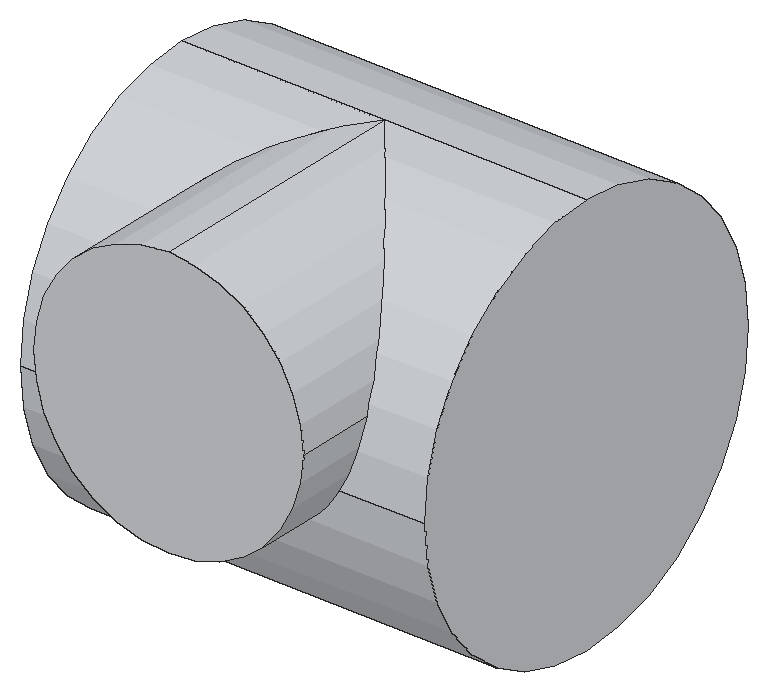
Revit family "M_Round Tee - Tangential", category Duct Fittings, Revit 2014
Parameters (values of type "Standard")
  Visibility 2 [instance] = Height Offset = 0 mm  # no
  Visibility 1 [instance] = not(Height Offset = 0 mm)  # yes
  Height Offset 1 [instance] = if(Height Offset = 0 mm, 0.8 mm, Height Offset)  # 50 mm
  Duct Radius 1 [instance] = 150 mm
  Duct Radius 3 [instance] = 100 mm
  Duct Lenght 2 [instance] = 1.5 * Duct Radius 3  # 150 mm
  Duct Length 1 [instance] = Duct Radius 1 + Shoulder  # 200 mm
  Height Offset [instance] = Duct Radius 1 - Duct Radius 3  # 50 mm
  Duct Diameter 1 [instance] = Duct Radius 1 * 2  # 300 mm
  Shoulder [instance] = 50 mm
  Duct Diameter 3 [instance] = Duct Radius 3 * 2  # 200 mm
Reference planes
  plane 1 "Center (Front/Back)": y = 0
  plane 2: z = 0
  plane 3 "Center (Left/Right)": x = 0
  plane 4: x = -150
  plane 5: x = 150
  plane 6: y = -200
  plane 7: z = 50
Forms (mm)
  Sweep 1, solid, detail levels medium+fine
    path in 3D
      loop
        line (-150, 0, 0) -> (150, 0, 0)
    profile "M_Duct - Round : Duct - Round 1" origin (0, 0, 0) x (0, 1, 0) y (0, 0, 1)
      loop
        arc (-150, 0) -> (-106.066, -106.066) -> (0, -150) r 150
        arc (0, -150) -> (106.066, -106.066) -> (150, 0) r 150
        arc (150, 0) -> (106.066, 106.066) -> (0, 150) r 150
        arc (0, 150) -> (-106.066, 106.066) -> (-150, 0) r 150
  Sweep 2, solid, detail levels medium+fine
    path in 3D
      loop
        line (0, -200, 0) -> (0, 0, 0)
    profile "M_Duct - Round : Duct - Round 3" origin (0, -100, 0) x (-1, 0, 0) y (0, 0, 1)
      loop
        arc (-100, 50) -> (-70.711, -20.711) -> (0, -50) r 100
        arc (0, -50) -> (70.711, -20.711) -> (100, 50) r 100
        arc (100, 50) -> (70.711, 120.711) -> (0, 150) r 100
        arc (0, 150) -> (-70.711, 120.711) -> (-100, 50) r 100
Cuts and joins
  joined: Sweep 1, Sweep 2
Lines and regions (mm)
  reference lines
    curve 1: line (-150, 0, 0) -> (150, 0, 0)
    curve 2: line (0, -200, 0) -> (0, 0, 0)
  sketch lines
    curve 3: line (-150, 0, 0) -> (150, 0, 0)
    curve 6: line (0, -200, 0) -> (0, 0, 0)
  model lines, style "DuctFitting", detail levels coarse
    curve 4: line (-150, 0, 0) -> (150, 0, 0)
  model lines, style "DuctFitting", visible <- "Visibility 2", detail levels coarse
    curve 5: line (0, -200, 0) -> (0, 0, 0)
  model lines, style "DuctFitting", visible <- "Visibility 1", detail levels coarse
    curve 7: line (0, 0, 50) -> (0, -200, 50)
    curve 8: line (0, 0, 0) -> (0, 0, 50)
Dimensions and locks
  "Duct Length 1": plane 6 to plane 1 "Center (Front/Back)"
  "Duct Lenght 2": plane 4 to plane 3 "Center (Left/Right)"
  "Duct Lenght 2": plane 3 "Center (Left/Right)" to plane 5
  "Height Offset 1": plane 7 to plane 2
  aligned and locked: plane 4 to curve 1
  aligned and locked: plane 5 to curve 1
  aligned and locked: plane 1 "Center (Front/Back)" to curve 1
  aligned and locked: plane 1 "Center (Front/Back)" to curve 2
  aligned and locked: plane 6 to curve 2
  aligned and locked: curve 2 to plane 3 "Center (Left/Right)"
  aligned and locked: curve 4 to curve 1
  aligned and locked: curve 5 to curve 2
  aligned and locked: plane 6 to curve 7
  aligned and locked: plane 1 "Center (Front/Back)" to curve 7
  aligned and locked: curve 7 to plane 3 "Center (Left/Right)"
  aligned and locked: plane 7 to curve 8
  aligned and locked: plane 2 to curve 8
  aligned and locked: plane 3 "Center (Left/Right)" to curve 8
Automatic sketch dimensions
  curve 4 to plane 4 = 0 mm
  curve 4 to plane 5 = 0 mm
  curve 5 to plane 6 = 0 mm
Connectors
  hvac at (-150, 0, 0), driven by "Duct Radius 1"
    settings: on cut or joined group of Sweep 1, Sweep 2, index 1, duct flow 0.0 L/s, flow factor 0, pres drop 0.0 Pa, loss coef 0, conn angle 0.00°, conn width 304.8 mm, conn height 304.8 mm, conn diameter 300 mm, duct sys type 28, conn prof type 0, flow config 0, flow direction 0, loss method 0, conn ref index 2, conn util no, is conn primary yes, conn desc ""
  hvac at (150, 0, 0), driven by "Duct Radius 1"
    settings: on cut or joined group of Sweep 1, Sweep 2, index 2, duct flow 0.0 L/s, flow factor 0, pres drop 0.0 Pa, loss coef 0, conn angle 0.00°, conn width 304.8 mm, conn height 304.8 mm, conn diameter 300 mm, duct sys type 28, conn prof type 0, flow config 0, flow direction 0, loss method 0, conn ref index 1, conn util no, is conn primary no, conn desc ""
  hvac at (0, -200, 50), driven by "Duct Radius 3"
    settings: on cut or joined group of Sweep 1, Sweep 2, index 3, duct flow 0.0 L/s, flow factor 0, pres drop 0.0 Pa, loss coef 0, conn angle 0.00°, conn width 304.8 mm, conn height 304.8 mm, conn diameter 200 mm, duct sys type 28, conn prof type 0, flow config 0, flow direction 0, loss method 0, conn ref index -1, conn util no, is conn primary no, conn desc ""
